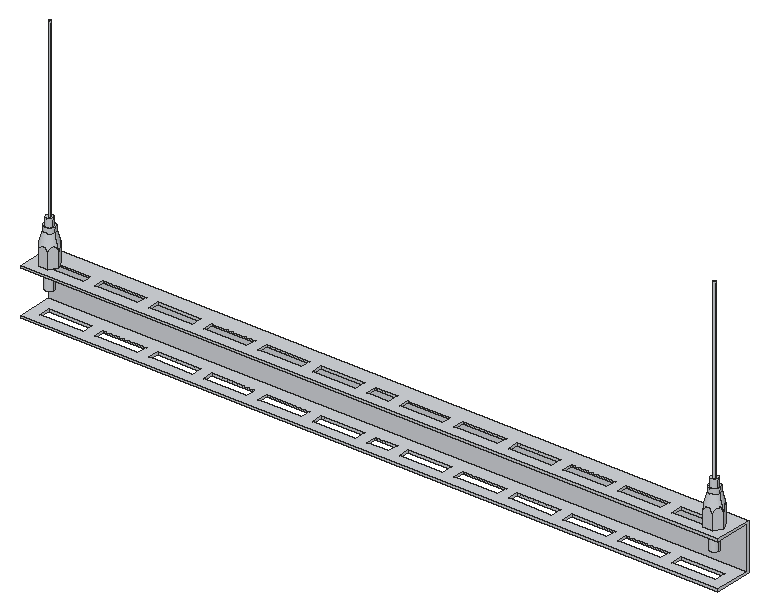
Revit family "Gripple Brackets with Suspensions - Assembly", category Specialty Equipment, Revit 2017
Family settings
  Round Connector Dimension = Use Diameter
  Part Type = Normal
  Work Plane-Based = Yes
  Always vertical = Yes
  Cut with Voids When Loaded = Yes
  Shared = Yes
  Room Calculation Point = No
Parameters (values of type "GUB640")
  Suspensions Required Y/N [instance] = yes
  Suspension End Fixing [instance] = ""
  Schedule Level [instance] = ""
  Schedule Discipline [instance] = ""
  Schedule Area [instance] = ""
  R/H TZ Dist. [instance] = 15 mm
  L/H TZ Dist. [instance] = 15 mm
  Go to URL [instance] = "http://www.gripple.co.uk/gb/en/p8/a6/pipe-bracket--quick-twist-system"
  Bracket Distance From Soffit [instance] = 200 mm
  Length = 640 mm
  URL = "http://www.gripple.co.uk/gb/en/p8/a6/pipe-bracket--quick-twist-system"
  Model = "GUB640"
  Manufacturer = "Gripple Ltd"
  Default Elevation = 0 mm
  Bracket = Gripple Brackets : PB640
  Assembly Code = "GUB640"
  -L = -Length / 2  # -320 mm
  +L = Length / 2  # 320 mm
Types (11, lengths in mm): name | Bracket Distance From Soffit | Length | Model | Bracket | Assembly Code | -L | +L
  GUB640 | 200 | 640 | "GUB640" | Gripple Brackets : PB640 | "GUB640" | -320 | 320
  GUB240 | 250 | 240 | "GUB240" | Gripple Brackets : PB240 | "GUB240" | -120 | 120
  GUB840 | 200 | 840 | "GUB840" | Gripple Brackets : PB840 | "GUB840" | -420 | 420
  GUB340 | 250 | 340 | "GUB340" | Gripple Brackets : PB340 | "GUB340" | -170 | 170
  GUB1240 | 200 | 1240 | "GUB1240" | Gripple Brackets : PB1240 | "GUB1240" | -620 | 620
  GUB1140 | 200 | 1140 | "GUB1140" | Gripple Brackets : PB1140 | "GUB1140" | -570 | 570
  GUB1040 | 200 | 1040 | "GUB1040" | Gripple Brackets : PB1040 | "GUB1040" | -520 | 520
  GUB940 | 200 | 940 | "GUB940" | Gripple Brackets : PB940 | "GUB940" | -470 | 470
  GUB740 | 200 | 740 | "GUB740" | Gripple Brackets : PB740 | "GUB740" | -370 | 370
  GUB540 | 250 | 540 | "GUB540" | Gripple Brackets : PB540 | "GUB540" | -270 | 270
  GUB440 | 250 | 440 | "GUB440" | Gripple Brackets : PB440 | "GUB440" | -220 | 220
Reference planes
  plane 1 "Center (Front/Back)": y = 0
  plane 2: z = 0
  plane 3 "Center (Left/Right)": x = 0
  plane 4 "Bracket Top": z = -200
  plane 5: x = 320
  plane 6: x = -320
  plane 7: x = 305
  plane 8: x = -305
  plane 9: x = 305
Lines and regions (mm)
  model lines, detail levels coarse
    curve 1: line (-320, 0, -221.5) -> (320, 0, -221.5)
  model lines, visible <- "Suspensions Required Y/N"
    curve 2: line (-305, 0, 0) -> (-305, 0, -221.5)
    curve 3: line (305, 0, 0) -> (305, 0, -221.5)
Dimensions and locks
  equal spacing: plane 5, plane 3 "Center (Left/Right)", plane 6
  "Length": plane 5 to plane 6
  locked: plane 5 to plane 7 at 15
  plane 3 "Center (Left/Right)" to plane 7 = 305 mm
  "Bracket Distance From Soffit": plane 4 "Bracket Top" to plane 2
  "L/H TZ Dist.": plane 8 to plane 6
  "R/H TZ Dist.": plane 5 to plane 9
  aligned and locked: level to plane 2
  aligned and locked: plane 5 to curve 1
  aligned and locked: plane 6 to curve 1
  aligned and locked: level to curve 2
  aligned and locked: level to curve 3
  aligned and locked: curve 1 to curve 3
  aligned and locked: curve 2 to plane 8
  aligned and locked: curve 3 to plane 9
  aligned and locked: plane 1 "Center (Front/Back)" to nested 1
  aligned and locked: nested 1 to plane 8
  aligned and locked: nested 2 to plane 9
  aligned and locked: plane 1 "Center (Front/Back)" to nested 2
  aligned and locked: plane 1 "Center (Front/Back)" to nested 3
  aligned and locked: plane 3 "Center (Left/Right)" to nested 3
Automatic sketch dimensions
  curve 1 to plane 4 "Bracket Top" = 21.5 mm
Nested families
  nested 1: "Gripple Trapeze Plus Kit" at (-305, 0, -200), Bracket Distance From Soffit <- "Bracket Distance From Soffit", visible <- "Suspensions Required Y/N", Schedule Area <- "Schedule Area", Schedule Discipline <- "Schedule Discipline", Schedule Level <- "Schedule Level", Suspension End Fixing <- "Suspension End Fixing", type "MTZ2"
    with total length 259 mm, Suspension End Fixing "", Schedule Level "", Schedule Discipline "", Schedule Area "", Gripple Kit Length (m) 1 mm, Go To URL "http://www.gripple.co.uk/gb/en/p20/a6/trapeze-plus", Bracket Distance From Soffit 200 mm
  nested 2: "Gripple Trapeze Plus Kit" at (305, 0, -200), Bracket Distance From Soffit <- "Bracket Distance From Soffit", visible <- "Suspensions Required Y/N", Schedule Area <- "Schedule Area", Schedule Discipline <- "Schedule Discipline", Schedule Level <- "Schedule Level", Suspension End Fixing <- "Suspension End Fixing", type "MTZ2"
    with total length 259 mm, Suspension End Fixing "", Schedule Level "", Schedule Discipline "", Schedule Area "", Gripple Kit Length (m) 1 mm, Go To URL "http://www.gripple.co.uk/gb/en/p20/a6/trapeze-plus", Bracket Distance From Soffit 200 mm
  nested 3: "Gripple Brackets" at (0, 0, -200), type <- "Bracket", Schedule Area <- "Schedule Area", Schedule Discipline <- "Schedule Discipline", Schedule Level <- "Schedule Level", type "PB640"
    with Schedule Level "", Schedule Discipline "", Schedule Area "", Go to URL "http://www.gripple.co.uk/gb/en/p8/a6/pipe-bracket--quick-twist-system"
Definition of nested family "Gripple Trapeze Plus Kit"
  Parameters (values of type "MTZ2")
    WD/2 = WD / 2  # 1 mm
    WD = 2 mm
    total length [instance] = UL + Bracket Distance From Soffit  # 159 mm
    UL = 59 mm
    TTD = 6.5 mm
    Suspension End Fixing [instance] = ""
    Schedule Level [instance] = ""
    Schedule Discipline [instance] = ""
    Schedule Area [instance] = ""
    MTL = 20 mm
    MTD = 8 mm
    KNW = 4 mm
    KND = 10 mm
    Hanger SWL (kg) = "45kg"
    HH = 14 mm
    BNT = UL - MTL  # 39 mm
    BH = 28 mm
    Gripple Kit Length (m) [instance] = roundup((Bracket Distance From Soffit + (50 mm / 1)) / 1000 mm / 1) * 1 mm  # 1 mm
    Go To URL [instance] = "http://www.gripple.co.uk/gb/en/p20/a6/trapeze-plus"
    Bracket Distance From Soffit [instance] = 100 mm
    URL = "http://www.gripple.co.uk/gb/en/p20/a6/trapeze-plus"
    Model = "Trapeze Plus No2"
    Manufacturer = "Gripple Ltd"  # constant formula
    Default Elevation = 0 mm
    Assembly Code = "MTZ2"
    AF = 15 mm
    AC = ((2 / 3) * (sqrt(3)) * AF)  # 17.321 mm
  Types (3, lengths in mm): name | WD/2 | WD | total length | UL | TTD | MTD | KND | Hanger SWL (kg) | HH | BNT | BH | Model | Assembly Code | AF | AC
    MTZ3 | 1.5 | 3 | 163 | 63 | 7.5 | 10 | 10 | "90kg" | 15 | 43 | 34 | "Trapeze Plus No3" | "MTZ3" | 17 | 19.63
    MTZ2 | 1 | 2 | 159 | 59 | 6.5 | 8 | 10 | "45kg" | 14 | 39 | 28 | "Trapeze Plus No2" | "MTZ2" | 15 | 17.321
    MTZ4 | 2.4 | 4.8 | 173.5 | 73.5 | 9.5 | 10 | 14 | "225kg" | 18 | 53.5 | 38 | "Trapeze Plus No4" | "MTZ4" | 22 | 25.403
  Reference planes
    plane 1 "Center (Front/Back)": y = 0
    plane 2: z = 0
    plane 3 "Center (Left/Right)": x = 0
    plane 4: x = -4
    plane 5: x = 4
    plane 6 "bottom": z = -20
    plane 7: y = 7.5
    plane 8: y = -7.5
    plane 9 "top of hex": z = 14
    plane 10: z = 28
    plane 11: z = 32
    plane 12: z = 39
    plane 13: x = -5
    plane 14: x = 5
    plane 15: x = -3.25
    plane 16: x = 3.25
    plane 17: x = -8.66
    plane 18: x = 8.66
    plane 19 "Wire Top": z = 100
  Forms (mm)
    Extrusion 1, solid, detail levels medium+fine
      sketch origin (0, 0, -20) x (-1, 0, 0) y (0, -1, 0)
        loop
          line (4.33, -7.5) -> (8.66, 0) -> (4.33, 7.5) -> (-4.33, 7.5) -> (-8.66, 0) -> (-4.33, -7.5) -> (4.33, -7.5)
      from 0 to 59 <- "UL"
    Revolve 2, void, detail levels medium+fine
      sketch origin (0, 0, 0) x (1, 0, 0) y (0, 0, 1)
        loop
          line (-8.66, 14) -> (-5, 28) -> (-5, 32) -> (-3.25, 32) -> (-3.25, 39) -> (-8.66, 39) -> (-8.66, 14)
        axis (0, 39) -> (0, 14)
      angle from 0 to 360
    Revolve 3, void, detail levels medium+fine
      sketch origin (0, 0, 0) x (1, 0, 0) y (0, 0, 1)
        loop
          line (-8.66, 0) -> (-8.66, -20) -> (-4, -20) -> (-4, 0) -> (-8.66, 0)
        axis (0, -20) -> (0, 0)
      angle from 0 to 360
    Revolve 4, solid, detail levels fine
      sketch origin (0, 0, 0) x (1, 0, 0) y (0, 0, 1)
        loop
          line (0, 39) -> (0, 100) -> (-1, 100) -> (-1, 39) -> (0, 39)
        axis (0, 39) -> (0, 100)
      angle from 0 to 360
  Cuts and joins
    Revolve 2, Revolve 3 cuts Extrusion 1
  Lines and regions (mm)
    model lines
      curve 1: line (0, 0, 100) -> (0, 0, -20)
  Dimensions and locks
    equal spacing: plane 4, plane 3 "Center (Left/Right)", plane 5
    "MTD": plane 4 to plane 5
    "MTL": level to plane 6 "bottom"
    equal spacing: plane 7, plane 1 "Center (Front/Back)", plane 8
    "AF": plane 7 to plane 8
    "HH": plane 9 "top of hex" to level
    "BH": plane 10 to level
    "KNW": plane 11 to plane 10
    equal spacing: plane 14, plane 3 "Center (Left/Right)", plane 13
    equal spacing: plane 16, plane 3 "Center (Left/Right)", plane 15
    "TTD": plane 16 to plane 15
    equal spacing: plane 18, plane 3 "Center (Left/Right)", plane 17
    "AC": plane 18 to plane 17
    "UL": plane 12 to plane 6 "bottom"
    "AF": Extrusion 1 sketch curve to Extrusion 1 sketch curve  (x2)
    equal spacing: Extrusion 1 sketch curve, plane 3 "Center (Left/Right)", Extrusion 1 sketch curve
    "Bracket Distance From Soffit": plane 19 "Wire Top" to level
    "WD/2": Revolve 4 sketch curve to Revolve 4 sketch curve
    "KND": plane 14 to plane 13
    aligned and locked: level to plane 2
    aligned and locked: plane 7 to Extrusion 1 sketch curve
    aligned and locked: Extrusion 1 sketch curve to plane 8
    aligned and locked: Revolve 2 sketch curve to plane 12
    aligned and locked: Revolve 2 sketch curve to plane 13
    aligned and locked: plane 11 to Revolve 2 sketch curve
    aligned and locked: Revolve 2 sketch curve to plane 15
    aligned and locked: plane 3 "Center (Left/Right)" to Revolve 4 sketch curve  (x2)
    aligned and locked: plane 19 "Wire Top" to Revolve 4 sketch curve
    aligned and locked: Revolve 4 sketch curve to plane 12
    aligned and locked: level to Revolve 3 sketch curve
    aligned and locked: Revolve 3 sketch curve to plane 4
    aligned and locked: Revolve 3 sketch curve to plane 6 "bottom"
    aligned and locked: Revolve 3 sketch curve to plane 17
    aligned and locked: Revolve 2 sketch curve to Revolve 2 sketch curve
    aligned and locked: plane 17 to Revolve 2 sketch curve
    aligned and locked: plane 19 "Wire Top" to curve 1
    aligned and locked: curve 1 to plane 3 "Center (Left/Right)"
    aligned and locked: plane 6 "bottom" to curve 1
  Automatic sketch dimensions
    plane 1 "Center (Front/Back)" to Extrusion 1 sketch curve = 0 mm  (x2)
    Extrusion 1 sketch curve to plane 18 = 0 mm
    Revolve 3 sketch curve to plane 3 "Center (Left/Right)" = 0 mm
    Revolve 3 sketch curve to plane 6 "bottom" = 0 mm
    Revolve 3 sketch curve to plane 12 = 0 mm
    Revolve 2 sketch curve to plane 3 "Center (Left/Right)" = 0 mm
    Revolve 2 sketch curve to plane 6 "bottom" = 0 mm
    Revolve 2 sketch curve to plane 9 "top of hex" = 0 mm
    Revolve 2 sketch curve to plane 10 = 0 mm
    Revolve 4 sketch curve to plane 9 "top of hex" = 1.372 mm
    Revolve 4 sketch curve to Revolve 4 sketch curve = 10.737 mm
Definition of nested family "Gripple Brackets"
  Parameters (values of type "PB640")
    Schedule Level [instance] = ""
    Schedule Discipline [instance] = ""
    Schedule Area [instance] = ""
    Go to URL [instance] = "http://www.gripple.co.uk/gb/en/p8/a6/pipe-bracket--quick-twist-system"
    Length = 640 mm
    URL = "http://www.gripple.co.uk/gb/en/p8/a6/pipe-bracket--quick-twist-system"
    Model = "PB640"
    Manufacturer = "Gripple Ltd"
    Default Elevation = 1219.2 mm
    Assembly Code = "PB640"
    -L = -Length / 2  # -320 mm
    +L = Length / 2  # 320 mm
    #slots = 6
  Types (11, lengths in mm): name | Length | Model | Assembly Code | -L | +L | #slots
    PB240 | 240 | "PB240" | "PB240" | -120 | 120 | 2
    PB340 | 340 | "PB340" | "PB340" | -170 | 170 | 3
    PB440 | 440 | "PB440" | "PB440" | -220 | 220 | 4
    PB540 | 540 | "PB540" | "PB540" | -270 | 270 | 5
    PB640 | 640 | "PB640" | "PB640" | -320 | 320 | 6
    PB740 | 740 | "PB740" | "PB740" | -370 | 370 | 7
    PB840 | 840 | "PB840" | "PB840" | -420 | 420 | 8
    PB940 | 940 | "PB940" | "PB940" | -470 | 470 | 9
    PB1040 | 1040 | "PB1040" | "PB1040" | -520 | 520 | 10
    PB1140 | 1140 | "PB1140" | "PB1140" | -570 | 570 | 11
    PB1240 | 1240 | "PB1240" | "PB1240" | -620 | 620 | 12
  Reference planes
    plane 1 "Center (Front/Back)": y = 0
    plane 2: z = 0
    plane 3 "Center (Left/Right)": x = 0
    plane 4: z = 0
    plane 5: z = -43
    plane 6: x = 320
    plane 7: x = -320
    plane 8: z = -2
    plane 9: z = -41
    plane 10: y = 20
    plane 11: y = -15
    plane 12: y = 18
    plane 13: x = 60
    plane 14: x = 20
    plane 15: x = -20
    plane 16: x = -60
    plane 17: y = 5
    plane 18: y = -5
    plane 19: x = -20
    plane 20: x = -10
    plane 21: x = 10
    plane 22: x = -10
    plane 23: x = 10
    plane 24: z = -21.5
  Forms (mm)
    Extrusion 1, solid, detail levels medium+fine
      sketch origin (0, 0, 0) x (0, 1, 0) y (0, 0, 1)
        loop
          line (20, 0) -> (-15, 0) -> (-15, -2) -> (18, -2) -> (18, -41) -> (-15, -41) -> (-15, -43) -> (20, -43) -> (20, 0)
      from 320 <- "+L" to -320 <- "-L"
    Extrusion 2, void
      sketch origin (0, 0, 0) x (1, 0, 0) y (0, 1, 0)
        loop
          line (-60, 5) -> (-60, -5) -> (-20, -5) -> (-20, 5) -> (-60, 5)
      from 0 to -43
    Extrusion 3, void
      sketch origin (30, 0, 0) x (1, 0, 0) y (0, 1, 0)
        loop
          line (-40, 5) -> (-40, -5) -> (-20, -5) -> (-20, 5) -> (-40, 5)
      from 0 to -43
    Extrusion 4, void
      sketch origin (60, 0, 0) x (1, 0, 0) y (0, 1, 0)
        loop
          line (-40, 5) -> (-40, -5) -> (0, -5) -> (0, 5) -> (-40, 5)
      from 0 to -43
    Extrusion 5, void
      sketch origin (-50, 0, 0) x (1, 0, 0) y (0, 1, 0)
        loop
          line (-60, 5) -> (-60, -5) -> (-20, -5) -> (-20, 5) -> (-60, 5)
      from 0 to -43
    Extrusion 6, void
      sketch origin (110, 0, 0) x (1, 0, 0) y (0, 1, 0)
        loop
          line (-40, 5) -> (-40, -5) -> (0, -5) -> (0, 5) -> (-40, 5)
      from 0 to -43
    Extrusion 7, void
      sketch origin (-100, 0, 0) x (1, 0, 0) y (0, 1, 0)
        loop
          line (-60, 5) -> (-60, -5) -> (-20, -5) -> (-20, 5) -> (-60, 5)
      from 0 to -43
    Extrusion 8, void
      sketch origin (-150, 0, 0) x (1, 0, 0) y (0, 1, 0)
        loop
          line (-60, 5) -> (-60, -5) -> (-20, -5) -> (-20, 5) -> (-60, 5)
      from 0 to -43
    Extrusion 9, void
      sketch origin (160, 0, 0) x (1, 0, 0) y (0, 1, 0)
        loop
          line (-40, 5) -> (-40, -5) -> (0, -5) -> (0, 5) -> (-40, 5)
      from 0 to -43
    Extrusion 10, void
      sketch origin (210, 0, 0) x (1, 0, 0) y (0, 1, 0)
        loop
          line (-40, 5) -> (-40, -5) -> (0, -5) -> (0, 5) -> (-40, 5)
      from 0 to -43
    Extrusion 11, void
      sketch origin (-200, 0, 0) x (1, 0, 0) y (0, 1, 0)
        loop
          line (-60, 5) -> (-60, -5) -> (-20, -5) -> (-20, 5) -> (-60, 5)
      from 0 to -43
    Extrusion 12, void
      sketch origin (-250, 0, 0) x (1, 0, 0) y (0, 1, 0)
        loop
          line (-60, 5) -> (-60, -5) -> (-20, -5) -> (-20, 5) -> (-60, 5)
      from 0 to -43
    Extrusion 13, void
      sketch origin (260, 0, 0) x (1, 0, 0) y (0, 1, 0)
        loop
          line (-40, 5) -> (-40, -5) -> (0, -5) -> (0, 5) -> (-40, 5)
      from 0 to -43
    Extrusion 14, void
      sketch origin (310, 0, 0) x (1, 0, 0) y (0, 1, 0)
        loop
          line (-40, 5) -> (-40, -5) -> (0, -5) -> (0, 5) -> (-40, 5)
      from 0 to -43
  Cuts and joins
    Extrusion 2, Extrusion 3, Extrusion 4, Extrusion 5, Extrusion 6, Extrusion 7, Extrusion 8, Extrusion 9, Extrusion 10, Extrusion 11, Extrusion 12, Extrusion 13, Extrusion 14 cuts Extrusion 1
  Lines and regions (mm)
    model lines, detail levels coarse
      curve 1: line (-320, 0, -21.5) -> (320, 0, -21.5)
  Dimensions and locks
    equal spacing: plane 6, plane 3 "Center (Left/Right)", plane 7
    locked: plane 4 to plane 5 at 43
    "Length": plane 6 to plane 7
    locked: plane 9 to plane 5 at 2
    locked: plane 4 to plane 8 at 2
    locked: plane 10 to plane 1 "Center (Front/Back)" at 20
    locked: plane 10 to plane 11 at 35
    locked: plane 10 to plane 12 at 2
    equal spacing: plane 16, plane 3 "Center (Left/Right)", plane 13
    equal spacing: plane 15, plane 3 "Center (Left/Right)", plane 14
    locked: plane 3 "Center (Left/Right)" to plane 14 at 20
    equal spacing: plane 18, plane 1 "Center (Front/Back)", plane 17
    locked: plane 1 "Center (Front/Back)" to plane 17 at 5
    equal spacing: plane 21, plane 3 "Center (Left/Right)", plane 20
    locked: plane 21 to plane 20 at 20
    equal spacing: plane 23, plane 3 "Center (Left/Right)", plane 22
    locked: plane 23 to plane 22 at 20
    plane 1 "Center (Front/Back)" to Extrusion 1 = 15 mm
    equal spacing: plane 4, plane 24, plane 5
    locked: plane 14 to plane 13 at 40
    equal spacing: group 10, group 9, group 6, group 5, group 2, group 1
    equal spacing: group 1, group 2, group 5, group 6, group 9, group 10  (x2)
    equal spacing: group 3, group 4, group 7, group 8, group 11, group 12  (x3)
    locked: plane 16 to plane 19 at 40
    aligned and locked: level to plane 2
    aligned and locked: Extrusion 1 sketch curve to plane 10
    aligned and locked: Extrusion 1 sketch curve to plane 4
    aligned and locked: plane 11 to Extrusion 1 sketch curve  (x2)
    aligned and locked: Extrusion 1 sketch curve to plane 9
    aligned and locked: Extrusion 1 sketch curve to plane 5
    aligned and locked: plane 12 to Extrusion 1 sketch curve
    aligned and locked: Extrusion 1 sketch curve to plane 8
    aligned and locked: plane 6 to curve 1
    aligned and locked: plane 7 to curve 1
    aligned and locked: plane 24 to curve 1
    aligned and locked: level to plane 4
    aligned and locked: level to Extrusion 2
    aligned and locked: plane 5 to Extrusion 2
    aligned and locked: Extrusion 3 to plane 20
    aligned and locked: Extrusion 3 to plane 21
    aligned and locked: plane 14 to Extrusion 4
    aligned and locked: Extrusion 4 to plane 13
    aligned and locked: level to Extrusion 4
    aligned and locked: plane 5 to Extrusion 4
    aligned and locked: level to Extrusion 3
    aligned and locked: plane 5 to Extrusion 3
    aligned and locked: Extrusion 1 to Extrusion 2
    aligned and locked: plane 16 to Extrusion 2
    aligned and locked: Extrusion 2 to plane 15
  Automatic sketch dimensions
    Extrusion 2 sketch curve to Extrusion 2 sketch curve = 40 mm
    Extrusion 2 sketch curve to Extrusion 2 sketch curve = 10 mm
    Extrusion 3 sketch curve to plane 18 = 0 mm
    Extrusion 3 sketch curve to plane 20 = 0 mm
    Extrusion 3 sketch curve to plane 21 = 0 mm
    plane 17 to Extrusion 3 sketch curve = 0 mm
    Extrusion 4 sketch curve to Extrusion 4 sketch curve = 40 mm
    Extrusion 5 sketch curve to Extrusion 5 sketch curve = 40 mm
    Extrusion 5 sketch curve to Extrusion 5 sketch curve = 10 mm
    Extrusion 4 sketch curve to Extrusion 4 sketch curve = 10 mm
    Extrusion 6 sketch curve to Extrusion 6 sketch curve = 40 mm
    Extrusion 6 sketch curve to Extrusion 6 sketch curve = 10 mm
    Extrusion 7 sketch curve to Extrusion 7 sketch curve = 40 mm
    Extrusion 7 sketch curve to Extrusion 7 sketch curve = 10 mm
    Extrusion 8 sketch curve to Extrusion 8 sketch curve = 40 mm
    Extrusion 8 sketch curve to Extrusion 8 sketch curve = 10 mm
    Extrusion 9 sketch curve to Extrusion 9 sketch curve = 40 mm
    Extrusion 9 sketch curve to Extrusion 9 sketch curve = 10 mm
    Extrusion 10 sketch curve to Extrusion 10 sketch curve = 40 mm
    Extrusion 10 sketch curve to Extrusion 10 sketch curve = 10 mm
    Extrusion 11 sketch curve to Extrusion 11 sketch curve = 40 mm
    Extrusion 11 sketch curve to Extrusion 11 sketch curve = 10 mm
    Extrusion 12 sketch curve to Extrusion 12 sketch curve = 40 mm
    Extrusion 12 sketch curve to Extrusion 12 sketch curve = 10 mm
    Extrusion 13 sketch curve to Extrusion 13 sketch curve = 40 mm
    Extrusion 13 sketch curve to Extrusion 13 sketch curve = 10 mm
    Extrusion 14 sketch curve to Extrusion 14 sketch curve = 40 mm
    Extrusion 14 sketch curve to Extrusion 14 sketch curve = 10 mm
